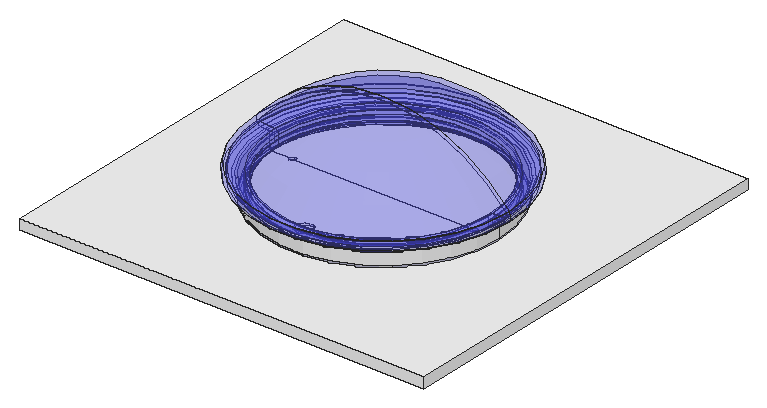
Revit family "BE_12133_de_DE", category Leuchten, Revit 2020
Family settings
  Basisbauteil = Fläche
  Bemaßung runder Anschluss = Durchmesser verwenden
  Teiletyp = Normal
  Beim Laden mit Abzugskörper schneiden = Ja
  Lichtquelle = Ja
  Gemeinsam genutzt = Nein
  Raumberechnungspunkt = Ja
Parameters (values of type "BEGA_12133_K3")
  built-in parameter 1150104 = 11.706 (stored number, unit not read)
  Wattage = 11.9 W
  Default Elevation = 0 mm
  built-in parameter 1150113 = 1 (stored number, unit not read)
  built-in parameter 1114218 = 1 (stored number, unit not read)
  Umgebungstemperatur = "25 °C"
  URL = "http://www.bega.de/de/produkt/12133"
  Typenkommentare = "© 2022 BEGA. Wir behalten uns das Recht vor, technische Änderungen ohne vorherige Ankündigung vorzunehmen."  # constant formula
  built-in parameter 1150134 = (empty or 0)
  built-in parameter 1150109 = 1 (stored number, unit not read)
  Strom = ""
  built-in parameter 1150110 = 1 (stored number, unit not read)
  Spannung = 239.996 V
  Sonderanfertigung = no
  Seriennummer [instance] = "Hier können Sie die eindeutige Seriennummer für das Facility Management eintragen."
  Schutzklasse = "I"
  Schutzart = "IP 20"
  Scheinlast = 0 VA
  Produktdatenblatt = "http://www.bega.de/download/Xrfa/db/12133.db.de.pdf"
  Oberflächentemperatur = ""
  Neigungswinkel = 0.00°
  Model = "12133K2"
  Material_17 = BEGA_Reflektor
  Material_15 = BEGA_Leuchtmedium_matt
  Material_11 = BEGA_Glas_opal
  Material_09 = BEGA_Glas_klar
  Material_06 = BEGA_Oberfläche_Edelstahl_gebürstet
  Material_03 = BEGA_Oberfläche_Weiss_matt
  Material_02 = BEGA_Oberfläche_Silber_matt
  Material_01 [instance] = BEGA_Oberfläche_Grafit_matt
  M_W = no
  M_G = no
  M_A = no
  Logo = 0
  built-in parameter 1114217 = 1 (stored number, unit not read)
  built-in parameter 1150139 = (empty or 0)
  built-in parameter 1150105 = 382.66 (stored number, unit not read)
  built-in parameter 1150114 = 1 (stored number, unit not read)
  Lumens = 1499.4 lm
  built-in parameter 1150115 = 1 (stored number, unit not read)
  Leuchtenlichtstrom = "893 lm"
  Leuchtenanzahl = ""
  Lebensdauerkriterien = "L70B50 @ 25 °C = 161000 h"
  Lastklassifizierung = Beleuchtung
  built-in parameter 1150112 = 1 (stored number, unit not read)
  Lampenlichtstrom = "1505 lm"
  Lamp = "LED 11.9 W"
  LED_Modulbezeichnung = "LED-0509/927"
  Hersteller = "BEGA"  # constant formula
  Halbstreuwinkel = ""
  Gewicht = "1.2 kg"
  Gebrauchslageneinschränkung [instance] = ""
  Frequenz = "50-60 Hz"
  Farbwiedergabeindex = "CRI > 90"
  Farbtemperaturverschiebung bei Dämpfen der Lampe = <Keine Auswahl>
  Farbtemperatur = "2700 K"
  Color Filter = 16777215
  built-in parameter 1150133 = 10 (stored number, unit not read)
  Energieeffizienzklasse = "LED A++ - A"
  built-in parameter 1150137 = (empty or 0)
  built-in parameter 1150132 = (empty or 0)
  ENEC = "ja"
  Dimmbar [instance] = ""
  Photometric Web File = "BE_12133K2.IES"
  CE_Konformität = "ja"
  Bestellnummer = "12133K2"
  Beschreibung_Sonderanfertigung = "Hier können Sie Informationen zur Sonderanfertigung eintragen."
  Beschreibung = "Decken- und Wandleuchte"
  built-in parameter 1150106 = 3.8266 (stored number, unit not read)
  Befestigungsbohrung = "Ø 5,5 mm"
  Befestigungsabstand = "180 mm"
  Ballwurfsicher = ""
  BEGA_Intern_aus = yes
  BEGA_Intern_an = yes
  BEGA_Intern_Konstruktion = yes
  BEGA_Intern = yes
  BEGA_IES = yes
  BEGA_Dummy = no
  Anschlussleitung = ""
  Anschlussleistung [instance] = "15.8 W"
  Anschlusskasten = ""
  built-in parameter 1150107 = 2000 (stored number, unit not read)
  built-in parameter 1150102 = (empty or 0)
  built-in parameter 1150138 = (empty or 0)
  Aktualisierung = "2019-10-29T04:00:14"
  Abstand_zur_angestrahlten_Fläche [instance] = ""
  AC/DC = "AC"
Types (2, lengths in mm): name | built-in parameter 1150134 | Model | built-in parameter 1150105 | Leuchtenlichtstrom | Lampenlichtstrom | LED_Modulbezeichnung | Farbtemperatur | Photometric Web File | Bestellnummer | built-in parameter 1150106 | built-in parameter 1150107
  BEGA_12133_K3 | (empty or 0) | "12133K3" | 385.64 (stored number, unit not read) | "1024 lm" | "1725 lm" | "LED-0509/930" | "3000 K" | "BE_12133K3.IES" | "12133K3" | 3.8564 (stored number, unit not read) | 3000 (stored number, unit not read)
  BEGA_12133_K27 | 12 | "12133K27" | 385.7 (stored number, unit not read) | "991 lm" | "1670 lm" | "LED-0509/927" | "2700 K" | "BE_12133K27.IES" | "12133K27" | 3.857 (stored number, unit not read) | 4000 (stored number, unit not read)
Reference planes
  plane 1 "Mitte (Vorne/Hinten)": y = 0
  plane 2: z = 0
  plane 3 "Mitte (Links/Rechts)": x = 0
  plane 4 "Links": x = -126
  plane 5 "Rechts": x = 126
  plane 6 "Unten": y = -126
  plane 7 "Oben": y = 126
  plane 8 "Vorne": z = 90.4
  plane 9 "Hinten": z = 0
Forms (mm)
  Extrusion 1, solid, material "BEGA_Platte_Weiss"
    sketch origin (0, -1119.2, 0) x (1, 0, 0) y (0, 1, 0)
      loop
        line (-200, 1319.2) -> (-200, 919.2) -> (200, 919.2) -> (200, 1319.2) -> (-200, 1319.2)
    from 0 to -10
  Extrusion 2, solid, material "BEGA_Dummy_matt", visible <- "BEGA_Dummy"
    sketch origin (77.149, -76.023, 0) x (1, 0, 0) y (0, 1, 0)
      loop
        circle (-77.149, 76.023) r 126.003
    from 0 to 90.4
Dimensions and locks
  plane 1 "Mitte (Vorne/Hinten)" to Extrusion 1 = 200 mm
  aligned and locked: plane 2 to Extrusion 1
  aligned and locked: level to Extrusion 1
Nested families
  nested 1: "BE_12133" at (0, 0, 0) x (0, -1, 0) z (0, 0, 1), type "BE_12133"
Connectors
  electrical at (0, 0, 0), driven by "Lastklassifizierung", driven by "Spannung", driven by "Scheinlast"
    settings: index 1, voltage 239.996 V, apparent load 0 VA, apparent load phase1 0 VA, apparent load phase2 0 VA, apparent load phase3 0 VA, power factor 1, load classification "Beleuchtung", number of poles 1, system type 31, power factor state 1, is connector primary yes, connector utility no, sub classification motor no, connector description ""
Definition of nested family "BE_12133"
  Parameters (values of type "BE_12133")
    Default Elevation = 1 mm
    URL = "http://www.bega.de/de/produkt"
    Type Comments = "© 2015 BEGA. Wir behalten uns das Recht vor, technische Änderungen ohne vorherige Ankündigung vorzunehmen. "  # constant formula
    Type Image = (empty or 0)
    Neigungswinkel_um_Z2 = 0.00°
    Neigungswinkel_um_Z1 = 0.00°
    Neigungswinkel_um_Y2 = 0.00°
    Neigungswinkel_um_Y1 = 0.00°
    Neigungswinkel_um_X2 = 0.00°
    Neigungswinkel_um_X1 = 0.00°
    Material_17 = none
    Material_15 = none
    Material_11 = none
    Material_09 = none
    Material_06 = none
    Material_05 = none
    Material_03 = none
    Material_02 = none
    Material_01 = none
    M_W = yes
    M_G = yes
    M_A = yes
    Länge_Platte = 400 mm  # constant formula
    Höhe_Platte = -10 mm  # constant formula
    Manufacturer = "BEGA"  # constant formula
    Drehwinkel_um_Z2 = 0.00°
    Drehwinkel_um_Z1 = 0.00°
    Breite_Platte = 400 mm  # constant formula
  Reference planes
    plane 1 "Mitte (Oben/Unten)": y = 0
    plane 2: z = 0
    plane 3 "Mitte (Links/Rechts)": x = 0
    plane 4: y = 126
    plane 5: z = 90.4
    plane 6: y = -126
    plane 7: x = -126
    plane 8: x = 126
  Forms (mm)
    Extrusion 1, solid, detail levels medium
      sketch origin (0, 0, 0) x (1, 0, 0) y (0, 1, 0)
        loop
          line (-200, 200) -> (-200, -200) -> (200, -200) -> (200, 200) -> (-200, 200)
      from 0 to -10 <- "Höhe_Platte"
    Revolve 2, solid, material <- "Material_03", detail levels medium+fine
      sketch origin (0, 0, 0) x (0, 1, 0) y (0, 0, 1)
        loop
          line (117.5, 19.8) -> (117.5, 20.8) -> (115.331, 20.8)
          arc (115.331, 20.8) -> (114.063, 20.284) -> (113.524, 19.025) r 1.8
          line (113.524, 19.025) -> (113.276, 4.767)
          arc (113.276, 4.767) -> (112.825, 3.728) -> (111.776, 3.3) r 1.5
          line (111.776, 3.3) -> (0, 3.3) -> (0, 2.3) -> (111.776, 2.3)
          arc (111.776, 2.3) -> (113.525, 3.014) -> (114.275, 4.748) r 2.5
          line (114.275, 4.748) -> (114.524, 19.01)
          arc (114.524, 19.01) -> (114.764, 19.571) -> (115.329, 19.8) r 0.8
          line (115.329, 19.8) -> (117.5, 19.8)
        axis (0, 2.3) -> (0, 20.8)
      angle from 0 to 360
    Revolve 3, solid, material <- "Material_03", detail levels medium+fine
      sketch origin (0, 0, 0) x (0, 1, 0) y (0, 0, 1)
        loop
          arc (99.13, 1.943) -> (99.474, 2.206) -> (99.896, 2.3) r 1
          line (99.896, 2.3) -> (100.896, 3.3) -> (92.75, 3.3) -> (92.75, 0) -> (96.108, 0)
          arc (96.108, 0) -> (97.369, 0.281) -> (98.395, 1.067) r 3
          line (98.395, 1.067) -> (99.13, 1.943)
        axis (90, 3.3) -> (90, 0)
      angle from 0 to 360
    Revolve 4, solid, material <- "Material_03", detail levels medium+fine
      sketch origin (0, 0, 0) x (0, -1, 0) y (0, 0, 1)
        loop
          arc (99.13, 1.943) -> (99.474, 2.206) -> (99.896, 2.3) r 1
          line (99.896, 2.3) -> (100.896, 3.3) -> (92.75, 3.3) -> (92.75, 0) -> (96.108, 0)
          arc (96.108, 0) -> (97.369, 0.281) -> (98.395, 1.067) r 3
          line (98.395, 1.067) -> (99.13, 1.943)
        axis (90, 3.3) -> (90, 0)
      angle from 0 to 360
    Extrusion 5, void
      sketch origin (0, 0, 0) x (1, 0, 0) y (0, 1, 0)
        loop
          circle (80, 15) r 8.5
        loop
          circle (80, -15) r 8.5
      from 1.096 to 7.205
    Revolve 6, solid, material <- "Material_11", detail levels medium+fine
      sketch origin (0, 0, 0) x (0, 1, 0) y (0, 0, 1)
        loop
          line (0, 90.4) -> (0, 86.6)
          arc (0, 86.6) -> (67.014, 71.601) -> (121.239, 29.464) r 157.2
          arc (121.239, 29.464) -> (122.17, 27.288) -> (121.777, 24.953) r 4.2
          line (121.777, 24.953) -> (107.481, 24.204)
          arc (107.481, 24.204) -> (104.795, 22.96) -> (103.7, 20.21) r 4
          line (103.7, 20.21) -> (103.7, 16.4) -> (103.7, 11.174)
          arc (103.7, 11.174) -> (104.099, 9.678) -> (105.19, 8.579) r 3.003
          line (105.19, 8.579) -> (106.963, 7.556)
          arc (106.963, 7.556) -> (108.068, 6.43) -> (108.449, 4.9) r 3.003
          line (108.449, 4.9) -> (112.25, 4.9) -> (112.25, 8.894) -> (107.997, 11.349)
          arc (107.997, 11.349) -> (107.633, 11.715) -> (107.5, 12.214) r 1.001
          line (107.5, 12.214) -> (107.5, 19.451)
          arc (107.5, 19.451) -> (107.774, 20.139) -> (108.445, 20.45) r 1
          line (108.445, 20.45) -> (121.856, 21.152)
          arc (121.856, 21.152) -> (123.904, 21.845) -> (125.293, 23.503) r 4
          arc (125.293, 23.503) -> (125.929, 27.854) -> (124.17, 31.883) r 8
          arc (124.17, 31.883) -> (68.634, 75.038) -> (0, 90.4) r 161
        axis (0, 90.4) -> (0, 4.9)
      angle from 0 to 360
    Extrusion 7, void
      sketch origin (0, 0, 0) x (1, 0, 0) y (0, 1, 0)
        loop
          circle (0, 90) r 2.75
        loop
          circle (0, -90) r 2.75
      from 0 to 9
  Cuts and joins
    Extrusion 5, Extrusion 7 cuts Revolve 2
    Extrusion 5, Extrusion 7 cuts Revolve 3
    Extrusion 5, Extrusion 7 cuts Revolve 4
    joined: Revolve 2, Revolve 3, Revolve 4
  Dimensions and locks
    equal spacing: Extrusion 1 sketch curve, plane 3 "Mitte (Links/Rechts)", Extrusion 1 sketch curve
    equal spacing: Extrusion 1 sketch curve, plane 1 "Mitte (Oben/Unten)", Extrusion 1 sketch curve
    "Länge_Platte": Extrusion 1 sketch curve to Extrusion 1 sketch curve
    "Breite_Platte": Extrusion 1 sketch curve to Extrusion 1 sketch curve
    aligned and locked: plane 2 to Extrusion 1
    aligned and locked: level to Extrusion 1
  Automatic sketch dimensions
    Revolve 2 sketch curve to Revolve 2 sketch curve = 0 mm  (x11)
    Revolve 2 sketch curve to plane 1 "Mitte (Oben/Unten)" = 0 mm  (x2)
    Revolve 2 sketch curve to Revolve 2 sketch curve = 1.5 mm
    Revolve 2 sketch curve to Revolve 2 sketch curve = 1 mm  (x3)
    Revolve 2 sketch curve to Revolve 2 sketch curve = 0.8 mm
    Revolve 2 sketch curve to Revolve 2 sketch curve = 0.004 mm
    Revolve 2 sketch curve to Revolve 2 sketch curve = 0.002 mm
    Revolve 2 sketch curve to Revolve 2 sketch curve = 2.169 mm
    level to Revolve 2 sketch curve = 2.3 mm
    Revolve 2 sketch curve to Revolve 2 sketch curve = 1.448 mm
    Revolve 2 sketch curve to Revolve 2 sketch curve = 0.02 mm
    Revolve 2 sketch curve to Revolve 2 sketch curve = 0.033 mm
    Revolve 2 sketch curve to Revolve 2 sketch curve = 14.252 mm
    Revolve 2 sketch curve to Revolve 2 sketch curve = 0.01 mm
    Revolve 2 sketch curve to Revolve 2 sketch curve = 0.015 mm
    Revolve 2 sketch curve to Revolve 2 sketch curve = 4 mm
    Revolve 3 sketch curve to level = 0 mm
    level to Revolve 3 sketch curve = 3.3 mm
    Revolve 3 sketch curve to Revolve 3 sketch curve = 3.351 mm
    Revolve 3 sketch curve to Revolve 3 sketch curve = 0.007 mm
    level to Revolve 3 sketch curve = 1.067 mm
    Revolve 3 sketch curve to Revolve 3 sketch curve = 2.287 mm
    level to Revolve 3 sketch curve = 2.3 mm
    Revolve 3 sketch curve to Revolve 3 sketch curve = 1.501 mm
    Revolve 3 sketch curve to Revolve 3 sketch curve = 0 mm  (x2)
    Revolve 3 sketch curve to Revolve 3 sketch curve = 1 mm  (x2)
    Revolve 3 sketch curve to Revolve 3 sketch curve = 2.75 mm
    level to Revolve 3 sketch curve = 1.943 mm
    Revolve 3 sketch curve to Revolve 3 sketch curve = 0.766 mm
    Revolve 3 sketch curve to level = 2.001 mm
    Revolve 3 sketch curve to Revolve 3 sketch curve = 2 mm
    Revolve 4 sketch curve to level = 0 mm
    Revolve 4 sketch curve to level = 3.3 mm
    Revolve 4 sketch curve to Revolve 4 sketch curve = 3.351 mm
    Revolve 4 sketch curve to Revolve 4 sketch curve = 0.007 mm
    Revolve 4 sketch curve to level = 1.067 mm
    Revolve 4 sketch curve to Revolve 4 sketch curve = 2.287 mm
    Revolve 4 sketch curve to level = 2.3 mm
    Revolve 4 sketch curve to Revolve 4 sketch curve = 1.501 mm
    Revolve 4 sketch curve to Revolve 4 sketch curve = 0 mm  (x2)
    Revolve 4 sketch curve to Revolve 4 sketch curve = 1 mm  (x2)
    Revolve 4 sketch curve to Revolve 4 sketch curve = 2.75 mm
    Revolve 4 sketch curve to level = 1.943 mm
    Revolve 4 sketch curve to Revolve 4 sketch curve = 0.766 mm
    level to Revolve 4 sketch curve = 2.001 mm
    Revolve 4 sketch curve to Revolve 4 sketch curve = 2 mm
    plane 1 "Mitte (Oben/Unten)" to Extrusion 5 sketch curve = 15 mm
    Extrusion 5 sketch curve to plane 1 "Mitte (Oben/Unten)" = 15 mm
    Extrusion 5 sketch curve to Extrusion 5 sketch curve = 0 mm
    Revolve 6 sketch curve to Revolve 6 sketch curve = 0 mm  (x15)
    plane 1 "Mitte (Oben/Unten)" to Revolve 6 sketch curve = 0 mm
    Revolve 6 sketch curve to plane 1 "Mitte (Oben/Unten)" = 0 mm  (x2)
    Revolve 6 sketch curve to Revolve 6 sketch curve = 1.49 mm
    Revolve 6 sketch curve to Revolve 6 sketch curve = 0.257 mm
    Revolve 6 sketch curve to Revolve 6 sketch curve = 1.513 mm
    level to Revolve 6 sketch curve = 7.556 mm
    Revolve 6 sketch curve to Revolve 6 sketch curve = 1.773 mm
    Revolve 6 sketch curve to Revolve 6 sketch curve = 3.781 mm
    Revolve 6 sketch curve to Revolve 6 sketch curve = 3.8 mm  (x2)
    Revolve 6 sketch curve to Revolve 6 sketch curve = 0.2 mm
    Revolve 6 sketch curve to Revolve 6 sketch curve = 0.497 mm
    Revolve 6 sketch curve to Revolve 6 sketch curve = 0.745 mm
    Revolve 6 sketch curve to Revolve 6 sketch curve = 3.002 mm
    Revolve 6 sketch curve to Revolve 6 sketch curve = 0.055 mm
    Revolve 6 sketch curve to Revolve 6 sketch curve = 0.504 mm
    Revolve 6 sketch curve to Revolve 6 sketch curve = 3.801 mm  (x2)
    Revolve 6 sketch curve to Revolve 6 sketch curve = 0.13 mm
    Revolve 6 sketch curve to Revolve 6 sketch curve = 2.592 mm
    Revolve 6 sketch curve to level = 70.6 mm
    Revolve 6 sketch curve to Revolve 6 sketch curve = 1.024 mm
    Revolve 6 sketch curve to Revolve 6 sketch curve = 3.994 mm
    Revolve 6 sketch curve to Revolve 6 sketch curve = 2.594 mm
    Revolve 6 sketch curve to Revolve 6 sketch curve = 0.176 mm
    Revolve 6 sketch curve to Revolve 6 sketch curve = 0.865 mm
    Revolve 6 sketch curve to Revolve 6 sketch curve = 4.186 mm
    Revolve 6 sketch curve to Revolve 6 sketch curve = 3.051 mm
    Revolve 6 sketch curve to Revolve 6 sketch curve = 0.239 mm
    Revolve 6 sketch curve to Revolve 6 sketch curve = 3.755 mm
    Revolve 6 sketch curve to Revolve 6 sketch curve = 4.504 mm
    Revolve 6 sketch curve to Revolve 6 sketch curve = 0.193 mm
    Revolve 6 sketch curve to Revolve 6 sketch curve = 1.644 mm
    Revolve 6 sketch curve to Revolve 6 sketch curve = 2.931 mm
    Revolve 6 sketch curve to Revolve 6 sketch curve = 3.516 mm
    Revolve 6 sketch curve to Revolve 6 sketch curve = 3.81 mm
    level to Revolve 6 sketch curve = 40.4 mm
    Revolve 2 sketch curve to plane 1 "Mitte (Oben/Unten)" = 111.776 mm
    Revolve 2 sketch curve to Revolve 2 sketch curve = 0.249 mm
    Revolve 3 sketch curve to plane 1 "Mitte (Oben/Unten)" = 92.75 mm
    Revolve 6 sketch curve to plane 1 "Mitte (Oben/Unten)" = 103.7 mm
    Revolve 6 sketch curve to Revolve 6 sketch curve = 10.519 mm
    Revolve 6 sketch curve to Revolve 6 sketch curve = 3.647 mm
    Revolve 6 sketch curve to Revolve 6 sketch curve = 3.239 mm
    Revolve 6 sketch curve to Revolve 6 sketch curve = 0.079 mm
    Revolve 4 sketch curve to plane 1 "Mitte (Oben/Unten)" = 92.75 mm
    Revolve 6 sketch curve to Revolve 6 sketch curve = 46.2 mm
    plane 3 "Mitte (Links/Rechts)" to Extrusion 5 sketch curve = 80 mm
    Extrusion 7 sketch curve to plane 3 "Mitte (Links/Rechts)" = 0 mm  (x2)
    plane 6 to Extrusion 7 sketch curve = 36 mm
    plane 4 to Extrusion 7 sketch curve = 36 mm
    radius of Extrusion 5 sketch curve = 8.5 mm  (x2)
    radius of Extrusion 7 sketch curve = 2.75 mm  (x2)
